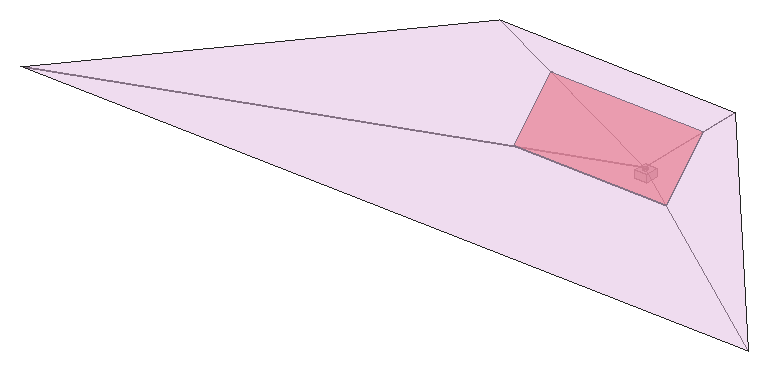
Revit family "Camera-Security-Panasonic-Super_Dynamic-H265_iA-Network-WV-U2130LSeriesX", category Security Devices, host Face, Revit 2019
Family settings
  Host = Face
  Maintain Annotation Orientation = No
  Round Connector Dimension = Use Diameter
  Part Type = Normal
  OmniClass Number = 23.85.10.14.11
  OmniClass Title = Cameras
  Cut with Voids When Loaded = No
  Shared = No
  Room Calculation Point = No
Parameters (values of type "WV-U2130L")
  z Zero = 0.000"  # constant formula
  z Yaw Actual [instance] = if(and(On Wall, not(On Ceiling)), Yaw Actual, Yaw Actual + 180.00°)  # 180.00°
  z VV Viewpoint Depth [instance] = (z VV Viewpoint Depth Max - z VV Viewpoint Depth Min) * z HFOV Ratio + z VV Viewpoint Depth Min  # 0.84913"
  z VV Viewpoint Depth Min = z VV Viewpoint Depth Max  # 0.84913"
  z VV Viewpoint Depth Max = 0.84913"  # constant formula
  z VV Origin Height Offset = 0.21654"  # constant formula
  z VV Origin Height [instance] = 1.24803"  # constant formula
  z VV Face Radius = 4.62598"
  z Tilt Actual [instance] = Tilt Actual  # 45.00°
  z Pan Actual Safe [instance] = if(Pan Actual = -180.00°, 180.00°, Pan Actual)  # 0.00°
  z Pan Actual [instance] = Pan Actual  # 0.00°
  z HFOV Ratio [instance] = if(Horizontal FOV Max = Horizontal FOV Min, 1, (Horizontal FOV Actual - Horizontal FOV Min) / (Horizontal FOV Max - Horizontal FOV Min))  # 1
  z Dome Radius = (Height - z Base Height)  # 1.26378"
  z Dome Material = Glass - Panasonic - Smoked
  z Dome Height Offset [instance] = if(1 = 0, 0.19685", z Base Height)  # 1.17717"
  z Const Yaw Handle Length = 9.25197"  # constant formula
  z Const Yaw Base2 Length = 17.32283"  # constant formula
  z Const Yaw Base Length = 10.23622"  # constant formula
  z Const Tilt Handle Length = 11.81102"  # constant formula
  z Const Tilt Base2 Length = 19.68504"  # constant formula
  z Const Tilt Base Length = 9.84252"  # constant formula
  z Const Pan Handle Length = 19.48819"  # constant formula
  z Camera Type = 1
  z Bracket Radius = 7.32283" / 2  # 3.66142"
  z Base is Visible [instance] = (1 = 0)  # no
  z Base Radius = (Diameter / 2)  # 2.14567"
  z Base Height = 1.17717"  # constant formula
  Yawing Range = "-100 to +100"  # constant formula
  Yaw Min = -100.00°  # constant formula
  Yaw Max = 100.00°  # constant formula
  Yaw Desired [instance] = 0.00°
  Yaw Actual [instance] = if(Yaw Desired > Yaw Max, Yaw Max, if(Yaw Desired < Yaw Min, Yaw Min, Yaw Desired))  # 0.00°
  Wide Dynamic Range = yes
  Weight = 0.55 lbf  # constant formula
  Voltage DC = 48 V  # constant formula
  Vertical FOV Actual [instance] = z HFOV Ratio * (Vertical FOV Max - Vertical FOV Min) + Vertical FOV Min  # 54.00°
  Vandal Resistant = no
  VFOV Min 43 = 60.00°
  VFOV Min 169 = 54.00°
  Vertical FOV Min [instance] = if(and(Aspect Ratio 4_3, not(Aspect Ratio 16_9)), VFOV Min 43, VFOV Min 169)  # 54.00°
  VFOV Max 43 = 60.00°
  VFOV Max 169 = 54.00°
  Vertical FOV Max [instance] = if(and(Aspect Ratio 4_3, not(Aspect Ratio 16_9)), VFOV Max 43, VFOV Max 169)  # 54.00°
  URL = "http://security.panasonic.com/pss/security/"
  Tilting Range = "-30 to +80"  # constant formula
  Tilt Min = -30.00°  # constant formula
  Tilt Max = 80.00°  # constant formula
  Tilt Actual [instance] = if(Tilt Desired > Tilt Max, Tilt Max, if(Tilt Desired < Tilt Min, Tilt Min, Tilt Desired))  # 45.00°
  Tilt Desired [instance] = 45.00°
  Storage Temperature = Operational Temperature  # "-10 °C to +50 °C (+14 °F to +122 °F)"
  Show View Volume [instance] = yes
  Resolution_HD [instance] = and(z Camera Type = 1, not(Resolution_FullHD))  # yes
  Resolution_FullHD [instance] = no
  Resolution WQHD [instance] = and(not(z Camera Type = 1), not(Resolution_FullHD))  # no
  Regulatory Compliance = "UL (UL60950-1), c-UL (CSA C22.2 No.60950-1), CE, IEC60950-1, FCC (Part15 ClassA), ICES003 ClassA, EN55032 ClassB, EN55024"  # constant formula
  Provide Feedback = "https://www.surveymonkey.com/s/95FL6QY"
  Product Page URL = "https://security.panasonic.com/products_technology/products/wv-u2130l/"
  Product Material = Paint - Panasonic - i-PRO White
  Product Documentation Link = "https://bizpartner.panasonic.net/public/ppr/product/11181?accordion_tab=1134"
  Power Active = 4.8 W
  Part Number = Model  # "WV-U2130L"
  Part Description = Description  # "Security Camera, H.265 iA, Network, Super Dynamic FullHD, WV-U2130L"
  Panning Range = "-175 to +175"  # constant formula
  Pan Min = -175.00°  # constant formula
  Pan Max = 175.00°  # constant formula
  Pan Desired [instance] = 0.00°
  Pan Actual [instance] = if(Pan Desired > Pan Max, Pan Max, if(Pan Desired < Pan Min, Pan Min, Pan Desired))  # 0.00°
  PPM Desired [instance] = 300
  PPM Actual [instance] = if(PPM Desired > 1, PPM Desired, 1)  # 300
  Original Creation Date = "2020/04/07"  # constant formula
  Operational Temperature = "-10 °C to +50 °C (+14 °F to +122 °F)"  # constant formula
  Operational Humidity = "10 to 90% (no condensation)"  # constant formula
  On Wall [instance] = not(On Ceiling)  # no
  On Ceiling [instance] = yes
  Mounting Positions = "Surface Mount"  # constant formula
  Model Disclaimer = "Contact Panasonic for more information"  # constant formula
  Model = "WV-U2130L"
  Minimum Illumination = 0.100 lx
  Manufacturer = "Panasonic"  # constant formula
  Indoor Or Outdoor = "Indoor"  # constant formula
  IP Or Analog = "IP"  # constant formula
  Horizontal Resolution [instance] = if(and(Aspect Ratio 4_3, not(Aspect Ratio 16_9)), Horizontal Resolution 43, Horizontal Resolution 169)  # 1280
  Horizontal Resolution 43 [instance] = if(and(z Camera Type = 2, Resolution WQHD, not(Resolution_FullHD), not(Resolution_HD)), 2560, if(and(not(Resolution WQHD), Resolution_FullHD, not(Resolution_HD)), 1600, if(and(z Camera Type = 1, not(Resolution WQHD), not(Resolution_FullHD), Resolution_HD), 1280, 1600)))  # 1280
  Horizontal Resolution 169 [instance] = if(and(z Camera Type = 2, Resolution WQHD, not(Resolution_FullHD), not(Resolution_HD)), 2560, if(and(not(Resolution WQHD), Resolution_FullHD, not(Resolution_HD)), 1920, if(and(z Camera Type = 1, not(Resolution WQHD), not(Resolution_FullHD), Resolution_HD), 1280, 1920)))  # 1280
  Horizontal FOV Actual [instance] = Horizontal FOV Max  # 100.00°
  Height = 2.44094"  # constant formula
  Has POE = yes
  HFOV Min 43 = 81.00°
  HFOV Min 169 = 100.00°
  Horizontal FOV Min [instance] = if(and(Aspect Ratio 4_3, not(Aspect Ratio 16_9)), HFOV Min 43, HFOV Min 169)  # 100.00°
  HFOV Max 43 = 81.00°
  HFOV Max 169 = 100.00°
  Horizontal FOV Max [instance] = if(and(Aspect Ratio 4_3, not(Aspect Ratio 16_9)), HFOV Max 43, HFOV Max 169)  # 100.00°
  Floor Distance [instance] = Distance to Floor  # 118.11024"
  Family Version = "1.0.0"  # constant formula
  Equipment Number [instance] = ""
  Equipment Abbreviation = "SC"
  Distance to Screen [instance] = 393.70079"
  Distance to PPM Target [instance] = if(PPM Actual = 0, 0.000", 39.37008" * Horizontal Resolution / (PPM Actual * 2 * tan(Horizontal FOV Actual / 2)))  # 70.47556"
  Distance to Floor [instance] = 118.11024"
  Distance to Ceiling [instance] = 0.000"
  Diameter = 4.29134"  # constant formula
  Description = "Security Camera, H.265 iA, Network, Super Dynamic FullHD, WV-U2130L"
  Default Elevation = 0.000"
  Day Or Night = "Yes"  # constant formula
  Date Last Modified = "2020/04/07"  # constant formula
  Copyright = "Copyright © Panasonic"  # constant formula
  Communication Ports = "10Base-T / 100Base-TX, RJ45 connector"  # constant formula
  Ceiling Distance [instance] = Distance to Ceiling  # 0.000"
  Audio Out = "N/A"  # constant formula
  Audio In = "N/A"  # constant formula
  Angle Of View = "100"
  Alarm Input Or Output Specification = "N/A"  # constant formula
  Accessory Part Number [instance] = "WV-QDC500S"  # constant formula
  Aspect Ratio 4_3 [instance] = and(not(z Camera Type = 2), not(Aspect Ratio 16_9))  # no
  Aspect Ratio 16_9 [instance] = yes
  Accessory Part = "WV-QDC500S"  # constant formula
Types (2): name | z Camera Type | VFOV Min 43 | VFOV Max 43 | Resolution_HD | Resolution WQHD | Product Page URL | Product Documentation Link | Power Active | Part Number | Part Description | Model | Minimum Illumination | Horizontal Resolution | Horizontal Resolution 43 | Horizontal Resolution 169 | HFOV Min 43 | HFOV Max 43 | Distance to PPM Target | Description | Angle Of View
  WV-U2130L | 1 | 60.00° | 60.00° | yes | no | "https://security.panasonic.com/products_technology/products/wv-u2130l/" | "https://bizpartner.panasonic.net/public/ppr/product/11181?accordion_tab=1134" | 4.8 W | "WV-U2130L" | "Security Camera, H.265 iA, Network, Super Dynamic FullHD, WV-U2130L" | "WV-U2130L" | 0.100 lx | 1280 | 1280 | 1280 | 81.00° | 81.00° | 70.47556" | "Security Camera, H.265 iA, Network, Super Dynamic FullHD, WV-U2130L" | "100"
  WV-U2140L | 2 | 54.00° | 54.00° | no | yes | "https://security.panasonic.com/products_technology/products/wv-u2140l/" | "https://bizpartner.panasonic.net/public/ppr/product/11182?accordion_tab=1134" | 5.3 W | "WV-U2140L" | "Security Camera, H.265 Varifocal Fixed Dome, Network, Super Dynamic WQHD, WV-U2142L" | "WV-U2140L" | 0.300 lx | 2560 | 2560 | 2560 | 100.00° | 100.00° | 140.95112" | "Security Camera, H.265 Varifocal Fixed Dome, Network, Super Dynamic WQHD, WV-U2142L" | "102"
Reference planes (in)
  plane 1 "Center (Front/Back)": y = 0
  plane 2: z = 0
  plane 3 "Center (Left/Right)": x = 0
  plane 4: z = 0
  plane 5: x = -2.14567
  plane 6: x = -1.26378
  plane 7: x = 2.5625
  plane 8: z = 1.17717
  plane 9: z = 0.47717
  plane 10: z = 2.44094
  plane 11 "Pan LR": z = 9.48781
  plane 12 "BP": z = 1.24803
Forms (in)
  Extrusion 1, solid
    sketch origin (0, 0, 0) x (1, 0, 0) y (0, 1, 0)
      loop
        line (-5.65138, 6.85016) -> (-5.65138, -7.02141) -> (7.02141, -7.02141) -> (7.02141, 6.85016) -> (-5.65138, 6.85016)
    from 0 to -7.78407
  Revolve 2, solid, material "Paint - Panasonic - i-PRO White" <- "Product Material"
    sketch origin (0, 0, 0) x (1, 0, 0) y (0, 0, 1)
      loop
        line (0, 0) -> (0, 1.17717) -> (-1.44567, 1.17717) -> (-2.14567, 0.47717) -> (-2.14567, 0) -> (0, 0)
      axis (0, 1.17717) -> (0, 0)
    angle from 0 to 360
  Revolve 3, solid, material "Glass - Panasonic - Smoked" <- "z Dome Material"
    sketch origin (0, 0, 0) x (1, 0, 0) y (0, 0, 1)
      loop
        line (-1.26378, 1.17717) -> (0, 1.17717) -> (0, 2.44094)
        arc (0, 2.44094) -> (-0.89363, 2.07079) -> (-1.26378, 1.17717) r 1.26378
      axis (0, 2.44094) -> (0, 1.17717)
    angle from 0 to 360
Lines and regions (in)
  reference lines
    curve 1: line (0, 0, 2.42154) -> (0, -9.84252, 2.42154)
    curve 2: line (0, 0, 1.24803) -> (8.07327, -8.07327, 1.24803)
Dimensions and locks (in)
  "z Base Height": plane 8 to plane 4
  "z Base Radius": plane 3 "Center (Left/Right)" to plane 5
  locked: plane 8 to plane 9 at 0.7
  "z Dome Radius": plane 3 "Center (Left/Right)" to plane 6
  "z Dome Radius": plane 10 to plane 8
  "z Dome Height Offset": plane 8 to plane 2
  "z VV Origin Height": plane 12 "BP" to level
  angle curve 1 to plane 1 "Center (Front/Back)" = 90.00°
  "z Pan Actual Safe": angle plane 3 "Center (Left/Right)" to curve 1
  "z Tilt Actual": angle curve 2 to plane 1 "Center (Front/Back)"
  aligned and locked: plane 2 to Extrusion 1
  aligned and locked: level to Extrusion 1
  aligned and locked: plane 5 to Revolve 2 sketch curve
  aligned and locked: plane 9 to Revolve 2 sketch curve
  aligned and locked: plane 4 to Revolve 2 sketch curve
  aligned and locked: Revolve 2 sketch curve to plane 3 "Center (Left/Right)"
  aligned and locked: plane 8 to Revolve 2 sketch curve
  aligned and locked: plane 3 "Center (Left/Right)" to Revolve 3 sketch curve
  aligned and locked: plane 8 to Revolve 3 sketch curve
  aligned and locked: plane 1 "Center (Front/Back)" to curve 1
  aligned and locked: plane 3 "Center (Left/Right)" to curve 1
  aligned and locked: plane 3 "Center (Left/Right)" to curve 2
  aligned and locked: plane 1 "Center (Front/Back)" to curve 2
  aligned and locked: nested 1 to plane 1 "Center (Front/Back)"
  aligned and locked: nested 1 to plane 3 "Center (Left/Right)"
Automatic sketch dimensions
  Extrusion 1 sketch curve to Extrusion 1 sketch curve = 12.67279"
  Extrusion 1 sketch curve to Extrusion 1 sketch curve = 13.87157"
  Revolve 3 sketch curve to plane 6 = 0.000"
  Revolve 3 sketch curve to plane 3 "Center (Left/Right)" = 0.000"
  Revolve 3 sketch curve to Revolve 3 sketch curve = 0.82961"
  Revolve 3 sketch curve to Revolve 3 sketch curve = 0.250"
  Revolve 2 sketch curve to plane 3 "Center (Left/Right)" = 0.000"
  Revolve 2 sketch curve to plane 6 = 0.18189"
  plane 9 to Revolve 2 sketch curve = 0.11875"
  Revolve 2 sketch curve to plane 12 "BP" = 0.17913"
Nested families (in)
  nested 1: "Camera-Security-Panasonic-ViewVolumePTYZ" at (0, 0, 1.24803), Viewpoint Depth <- "z VV Viewpoint Depth", Base Height Offset <- "z VV Origin Height", Pan <- "z Pan Actual", Tilt <- "z Tilt Actual", Yaw <- "z Yaw Actual", HFOV <- "Horizontal FOV Actual", VFOV <- "Vertical FOV Actual", On Wall <- "On Wall", On Ceiling <- "On Ceiling", Screen Depth <- "Distance to Screen", Floor Distance <- "Floor Distance", Ceiling Distance <- "Ceiling Distance", Target Depth <- "Distance to PPM Target", visible <- "Show View Volume", type "Camera-Security-Panasonic-ViewVolumePTYZ"
    with z Yaw Actual 180.00°, z Void Width 1729.98456", z Void Thickness 395.79795", z Void Height Start -864.99228", z Void Height End 864.99228", z Void Direction 0, z Void Angle 0.00°, z Viewpoint Depth 0.84913", z Tilt Actual 45.00°, z Target Width 167.979", z Target Visible yes, z Target Height 71.81818", z Target Depth 71.32469", z Screen Width 938.38866", z Screen Height 401.20114", z Screen Depth 394.54992", z Pan Actual 0.00°, z Floor Distance 118.11024", z Ceiling Distance 0.000", Yaw 180.00°, Viewpoint Origin Horizontal Offset 0.000", Viewpoint Depth 0.84913", VFOV 54.00°, Tilt 45.00°, Target Depth 70.47556", Screen Depth 393.70079", Pan 0.00°, On Wall no, On Floor no, On Default Mount Type 0, On Ceiling yes, HFOV 100.00°, Floor Distance 118.11024", Ceiling Distance 0.000", Base Height Offset 1.24803", Base Angle Offset 0.00°
Connectors (in)
  electrical at (0, 0, 0), driven by "Power Active", driven by "Voltage DC"
    settings: on Revolve 2, index 1, voltage 48 V, apparent load 4.8 W, apparent load phase1 0.0 W, apparent load phase2 0.0 W, apparent load phase3 0.0 W, power factor 1, load classification "Other", number of poles 1, system type 30, power factor state 1, is connector primary yes, connector utility no, sub classification motor no, connector description "Electrical Connection"
  electrical at (0, 0, 0)
    settings: on Revolve 2, index 2, voltage 0 V, apparent load 0.0 W, apparent load phase1 0.0 W, apparent load phase2 0.0 W, apparent load phase3 0.0 W, power factor 1, load classification "Other", number of poles 1, system type 5, power factor state 1, is connector primary no, connector utility no, sub classification motor no, connector description "Data Connection"
Definition of nested family "Camera-Security-Panasonic-ViewVolumePTYZ"
  Parameters
    z Yaw Actual [instance] = if(Yaw < 0.00°, 360.00° - (abs(Yaw) - rounddown(abs(Yaw) / 360.00°) * 360.00°), Yaw - rounddown(Yaw / 360.00°) * 360.00°)  # 0.00°
    z Void Width [instance] = if(z Screen Width > z Screen Height, z Screen Width, z Screen Height) + abs(Viewpoint Origin Horizontal Offset) + z Void Thickness * 2  # 1265.63013"
    z Void Thickness [instance] = z Screen Depth + abs(Base Height Offset)  # 405.51181"
    z Void Height Start [instance] = -z Void Width / 2  # -632.81507"
    z Void Height End [instance] = z Void Width / 2  # 632.81507"
    z Void Direction [instance] = if((if(On Wall, 1, 0) + if(On Floor, 1, 0) + if(On Ceiling, 1, 0)) = 1, if(On Ceiling, 0, if(On Wall, 1, 2)), On Default Mount Type)  # 0
    z Viewpoint Depth [instance] = if(Viewpoint Depth < 0.03937", 0.03937", Viewpoint Depth)  # 5.90551"
    z Tilt Actual [instance] = if(Tilt < 0.00°, 360.00° - (abs(Tilt) - rounddown(abs(Tilt) / 360.00°) * 360.00°), Tilt - rounddown(Tilt / 360.00°) * 360.00°)  # 45.00°
    z Target Visible [instance] = not(Screen Depth < Target Depth)  # yes
    z Target Thickness Start = -z Target Thickness / 2  # -0.03937"
    z Target Thickness End = z Target Thickness / 2  # 0.03937"
    z Target Depth [instance] = Target Depth + Viewpoint Depth  # 84.64567"
    z Pan Actual [instance] = if(Pan < 0.00°, 360.00° - (abs(Pan) - rounddown(abs(Pan) / 360.00°) * 360.00°), Pan - rounddown(Pan / 360.00°) * 360.00°)  # 0.00°
    z Floor Distance [instance] = if(z Void Direction = 2, if(Floor Distance < 0.000", 0.000", Floor Distance), if(Floor Distance < 0.3937", 0.3937", Floor Distance))  # 118.11024"
    z Const Yaw Base2 Length = 17.32283"  # constant formula
    z Const Tilt Base2 Length = 19.68504"  # constant formula
    z Ceiling Distance [instance] = if(z Void Direction = 2, if(Ceiling Distance < 0.3937", 0.3937", Ceiling Distance), if(Ceiling Distance < 0.000", 0.000", Ceiling Distance))  # 0.000"
    z Const Void Handle Length = 23.62205"  # constant formula
    z Void Angle [instance] = if(z Void Direction = 0, 0.00° + Base Angle Offset, if(z Void Direction = 1, 90.00° + Base Angle Offset, 180.00° + Base Angle Offset))  # 0.00°
    z Screen Depth [instance] = if(Screen Depth < 3.93701", 3.93701" + Viewpoint Depth, Screen Depth + Viewpoint Depth)  # 399.6063"
    Original Creation Date = "September, 15, 2016"  # constant formula
    On Default Mount Type [instance] = 0
    Manufacturer = "Panasonic"  # constant formula
    Family Version = "1.0.0"  # constant formula
    Default Elevation = 48.000"
    Date Last Modified = "September, 15, 2016"  # constant formula
    Copyright = "Copyright © Panasonic"  # constant formula
    Base Height Offset [instance] = 5.90551"
    Base Angle Offset [instance] = 0.00°
    z Viewpoint Width = 0.03937"  # constant formula
    z Viewpoint Height = 0.03937"  # constant formula
    VFOV [instance] = 33.75°
    z Target Width [instance] = Target Depth * tan(HFOV / 2) * 2  # 90.9213"
    z Target Thickness = 0.07874"  # constant formula
    z Target Height [instance] = Target Depth * tan(VFOV / 2) * 2  # 47.77113"
    Target Depth [instance] = 78.74016"
    z Screen Width [instance] = (z Screen Depth - Viewpoint Depth) * tan(HFOV / 2) * 2  # 454.60651"
    z Screen Height [instance] = (z Screen Depth - Viewpoint Depth) * tan(VFOV / 2) * 2  # 238.85566"
    Screen Depth [instance] = 393.70079"
    z Const Yaw Handle Length = 9.25197"  # constant formula
    z Const Yaw Base Length = 10.23622"  # constant formula
    Viewpoint Depth [instance] = 5.90551"
    Viewpoint Origin Horizontal Offset [instance] = 0.000"
    z Const Tilt Handle Length = 14.17323"  # constant formula
    z Const Tilt Base Length = 9.84252"  # constant formula
    z Const Pan Handle Length = 19.68504"  # constant formula
    z Const Pan Axis Length = 15.74803"  # constant formula
    On Wall [instance] = no
    On Floor [instance] = no
    On Ceiling [instance] = yes
    HFOV [instance] = 60.00°
    Yaw [instance] = 0.00°
    Tilt [instance] = 45.00°
    Pan [instance] = 0.00°
    Floor Distance [instance] = 118.11024"
    Ceiling Distance [instance] = 0.000"
  Reference planes (in)
    plane 1 "Center (Front/Back)": y = 0
    plane 2: z = 0
    plane 3 "Center (Left/Right)": x = 0
    plane 4 "VoidOffsetBase": z = -5.90551
  Forms (in)
    Extrusion 1, void
      sketch origin (0, 0, -5.90551) x (0, 0, 1) y (0, -1, 0)
        loop
          line (523.62205, 632.81507) -> (118.11024, 632.81507) -> (118.11024, -632.81507) -> (523.62205, -632.81507) -> (523.62205, 632.81507)
        loop
          line (0, 632.81507) -> (-405.51181, 632.81507) -> (-405.51181, -632.81507) -> (0, -632.81507) -> (0, 632.81507)
      from -632.81507 <- "z Void Height Start" to 632.81507 <- "z Void Height End"
    Blend 2, solid
      base sketch origin (0, -4.17583, 4.17583) x (0, 0.707107, 0.707107) y (-1, 0, 0)
        loop
          line (-0.01969, -0.01969) -> (0.01969, -0.01969) -> (0.01969, 0.01969) -> (-0.01969, 0.01969) -> (-0.01969, -0.01969)
      top sketch origin (0, -282.56432, 282.56432) x (0, 0.707107, 0.707107) y (-1, 0, 0)
        loop
          line (-119.42783, -227.30326) -> (119.42783, -227.30326) -> (119.42783, 227.30326) -> (-119.42783, 227.30326) -> (-119.42783, -227.30326)
      from 0 to 0
    Extrusion 3, solid, visible <- "z Target Visible"
      sketch origin (0, -59.85353, 59.85353) x (0, 0.707107, 0.707107) y (-1, 0, 0)
        loop
          line (-23.88557, -45.46065) -> (23.88557, -45.46065) -> (23.88557, 45.46065) -> (-23.88557, 45.46065) -> (-23.88557, -45.46065)
      from -0.03937 <- "z Target Thickness Start" to 0.03937 <- "z Target Thickness End"
  Cuts and joins
    Extrusion 1 cuts Blend 2
    Extrusion 1 cuts Extrusion 3
  Lines and regions (in)
    reference lines
      curve 1: line (0, 0, 0) -> (19.68504, 0, 0)
      curve 2: line (0, 0, -15.74803) -> (0, 0, 0)
      curve 3: line (0, 0, 0) -> (0, -9.84252, 0)
      curve 4: line (0, 0, 0) -> (0, 0, 19.68504)
      curve 5: line (0, -10.02199, 10.02199) -> (0, 0, 0)
      curve 6: line (0, 0, 0) -> (0, 7.2381, 7.2381)
      curve 7: line (0, 0, 0) -> (-17.32283, 0, 0)
      curve 8: line (0, 0, 0) -> (-9.25197, 0, 0)
      curve 9: line (0, -4.17583, 4.17583) -> (0, 0, 0)
      curve 10: line (0, 0, 0) -> (0, -59.85353, 59.85353)
      curve 11: line (0, 0, 0) -> (0, -282.56432, 282.56432)
      curve 12: line (-0.01969, -4.16191, 4.18975) -> (0.01969, -4.16191, 4.18975)
      curve 13: line (-0.01969, -4.18975, 4.16191) -> (0.01969, -4.18975, 4.16191)
      curve 14: line (-0.01969, -4.16191, 4.18975) -> (-0.01969, -4.18975, 4.16191)
      curve 15: line (0.01969, -4.16191, 4.18975) -> (0.01969, -4.18975, 4.16191)
      curve 16: line (-45.46065, -42.96388, 76.74317) -> (45.46065, -42.96388, 76.74317)
      curve 17: line (-45.46065, -76.74317, 42.96388) -> (45.46065, -76.74317, 42.96388)
      curve 18: line (-45.46065, -42.96388, 76.74317) -> (-45.46065, -76.74317, 42.96388)
      curve 19: line (45.46065, -42.96388, 76.74317) -> (45.46065, -76.74317, 42.96388)
      curve 20: line (-227.30326, -198.1161, 367.01255) -> (-227.30326, -367.01255, 198.1161)
      curve 21: line (227.30326, -198.1161, 367.01255) -> (227.30326, -367.01255, 198.1161)
      curve 22: line (-227.30326, -198.1161, 367.01255) -> (227.30326, -198.1161, 367.01255)
      curve 23: line (-227.30326, -367.01255, 198.1161) -> (227.30326, -367.01255, 198.1161)
      curve 24: line (0, 0, -5.90551) -> (0, 0, 17.71654)
      curve 25: line (0, -632.81507, 517.71654) -> (0, 632.81507, 517.71654)
      curve 26: line (0, -632.81507, 112.20472) -> (0, -632.81507, 517.71654)
      curve 27: line (0, 632.81507, 112.20472) -> (0, -632.81507, 112.20472)
      curve 28: line (0, 632.81507, 517.71654) -> (0, 632.81507, 112.20472)
      curve 29: line (0, -632.81507, -5.90551) -> (0, 632.81507, -5.90551)
      curve 30: line (0, -632.81507, -411.41732) -> (0, -632.81507, -5.90551)
      curve 31: line (0, 632.81507, -411.41732) -> (0, -632.81507, -411.41732)
      curve 32: line (0, 632.81507, -5.90551) -> (0, 632.81507, -411.41732)
  Dimensions and locks (in)
    "z Const Pan Handle Length": curve 1 to curve 1
    "z Const Pan Axis Length": curve 2 to curve 2
    "z Const Tilt Base Length": curve 3 to curve 3
    "z Const Pan Axis Length": curve 1 to curve 2
    "Viewpoint Origin Horizontal Offset": curve 4 to curve 2
    "z Const Tilt Base2 Length": curve 4 to curve 4
    "z Const Tilt Handle Length": curve 5 to curve 5
    "z Const Yaw Base Length": curve 6 to curve 6
    "z Const Yaw Base2 Length": curve 7 to curve 7
    "z Const Yaw Handle Length": curve 8 to curve 8
    "z Viewpoint Depth": curve 9 to curve 9
    "z Target Depth": curve 10 to curve 10
    "z Screen Depth": curve 11 to curve 11
    equal spacing: curve 13, curve 9, curve 12
    "z Viewpoint Height": curve 13 to curve 12
    equal spacing: curve 14, curve 9, curve 15
    "z Viewpoint Width": curve 14 to curve 15
    equal spacing: curve 17, curve 10, curve 16
    "z Target Height": curve 17 to curve 16
    equal spacing: curve 18, curve 10, curve 19
    "z Target Width": curve 18 to curve 19
    equal spacing: curve 20, curve 11, curve 21
    "z Screen Width": curve 20 to curve 21
    equal spacing: curve 23, curve 11, curve 22
    "z Screen Height": curve 23 to curve 22
    "z Const Void Handle Length": curve 24 to curve 24
    equal spacing: curve 26, curve 24, curve 28
    "z Void Width": curve 26 to curve 28
    "z Floor Distance": curve 27 to curve 24
    "z Ceiling Distance": curve 29 to curve 24
    "z Void Thickness": curve 31 to curve 29
    "z Void Thickness": curve 25 to curve 27
    "Base Height Offset": level to plane 4 "VoidOffsetBase"
    locked: curve 3 to curve 2 (angle 90.00°)
    locked: curve 3 to curve 4 (angle 90.00°)
    "z Tilt Actual": angle curve 4 to curve 5
    locked: curve 6 to curve 7 (angle 90.00°)
    locked: curve 6 to curve 5 (angle 90.00°)
    locked: curve 9 to curve 5 (angle 0.00°)
    locked: curve 10 to curve 5 (angle 0.00°)
    locked: curve 11 to curve 5 (angle 0.00°)
    "z Void Angle": angle plane 1 "Center (Front/Back)" to curve 24
    "z Yaw Actual": angle curve 7 to curve 8
    "z Pan Actual": angle plane 1 "Center (Front/Back)" to curve 1
    aligned and locked: level to plane 2
    aligned and locked: curve 2 to curve 1
    aligned and locked: curve 2 to curve 3
    aligned and locked: curve 3 to curve 2
    aligned and locked: curve 3 to curve 5
    aligned and locked: curve 6 to curve 7
    aligned and locked: curve 6 to curve 8
    aligned and locked: curve 8 to curve 7
    aligned and locked: curve 7 to curve 6
    aligned and locked: curve 5 to curve 11
    aligned and locked: curve 11 to curve 8
    aligned and locked: curve 12 to curve 15
    aligned and locked: curve 15 to curve 15
    aligned and locked: curve 14 to curve 14
    aligned and locked: curve 13 to curve 15
    aligned and locked: curve 16 to curve 19
    aligned and locked: curve 18 to curve 18
    aligned and locked: curve 17 to curve 19
    aligned and locked: curve 22 to curve 22
    aligned and locked: curve 21 to curve 23
    aligned and locked: curve 20 to curve 23
    aligned and locked: curve 23 to curve 23
    aligned and locked: plane 1 "Center (Front/Back)" to curve 24
    aligned and locked: curve 30 to curve 26
    aligned and locked: curve 28 to curve 32
    aligned and locked: Extrusion 1 sketch curve to curve 25
    aligned and locked: Extrusion 1 sketch curve to curve 26
    aligned and locked: Extrusion 1 sketch curve to curve 27
    aligned and locked: Extrusion 1 sketch curve to curve 28
    aligned and locked: Extrusion 1 sketch curve to curve 29
    aligned and locked: Extrusion 1 sketch curve to curve 30
    aligned and locked: Extrusion 1 sketch curve to curve 31
    aligned and locked: Extrusion 1 sketch curve to curve 32
    aligned and locked: Extrusion 1 sketch curve to Extrusion 1 sketch curve  (x8)
    aligned and locked: Blend 2 sketch curve to curve 15
    aligned and locked: Blend 2 sketch curve to curve 13
    aligned and locked: Blend 2 sketch curve to curve 14
    aligned and locked: Blend 2 sketch curve to curve 12
    aligned and locked: Blend 2 sketch curve to Blend 2 sketch curve  (x8)
    aligned and locked: Blend 2 sketch curve to curve 21
    aligned and locked: Blend 2 sketch curve to curve 23
    aligned and locked: Blend 2 sketch curve to curve 20
    aligned and locked: Blend 2 sketch curve to curve 22
    aligned and locked: Extrusion 3 sketch curve to curve 19
    aligned and locked: Extrusion 3 sketch curve to curve 17
    aligned and locked: Extrusion 3 sketch curve to curve 18
    aligned and locked: Extrusion 3 sketch curve to curve 16
    aligned and locked: Extrusion 3 sketch curve to Extrusion 3 sketch curve  (x4)
    aligned and locked: plane 3 "Center (Left/Right)" to curve 1
    aligned and locked: plane 1 "Center (Front/Back)" to curve 1
    aligned and locked: level to curve 2
    aligned and locked: plane 4 "VoidOffsetBase" to curve 24
  Automatic sketch dimensions
    curve 6 to curve 5 = 0.000"
    curve 6 to curve 5 = 10.23622"
